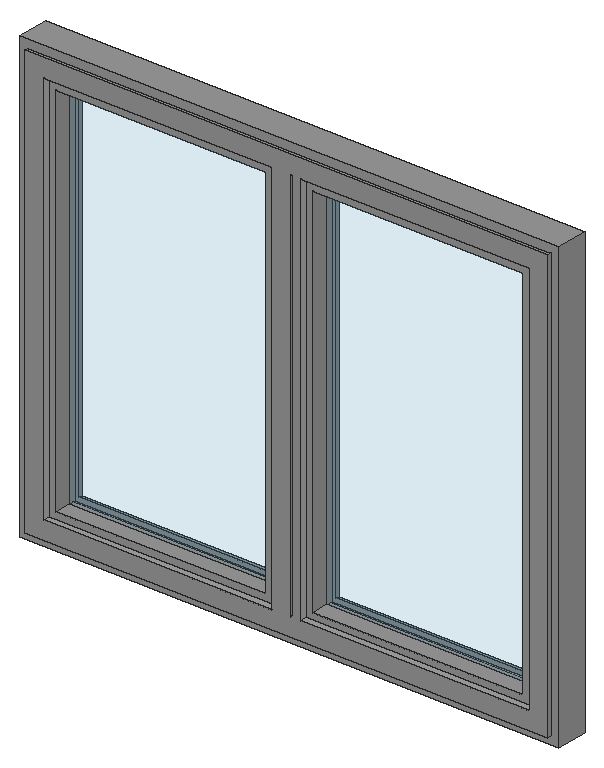
Revit family "Kawneer_Window_GT70s_Pos005", category Windows, host Wall, Revit 2020 (continued)
Definition of nested family "Kawneer_GT70s_Pos005"
  Definition of nested family "Kawneer_GT70s_Mull5"
    Lines and regions (mm)
      model lines, in view "Ref. Level", detail levels fine
        curve 1093: line (-27.885, -24.3, 0) -> (-27.539, -24.3, 0)
        curve 1094: line (-23.831, -21.8, 0) -> (-14, -21.8, 0)
        curve 1095: line (-13.021, -21, 0) -> (-12.115, -21, 0)
        curve 1096: line (-12.115, -21, 0) -> (-11.981, -21.437, 0)
        curve 1097: line (-12.9, -18.7, 0) -> (-12.9, -19.25, 0)
        curve 1098: line (-12.9, -19.25, 0) -> (-12.115, -20.6, 0)
        curve 1099: line (-12.115, -20.6, 0) -> (-12.874, -19.287, 0)
        curve 1100: line (-12.874, -19.287, 0) -> (-12.9, -18.7, 0)
        curve 1101: line (-11.679, -18.5, 0) -> (-12.7, -18.5, 0)
        curve 1102: line (-12.7, -18.5, 0) -> (-9.099, -18.5, 0)
        curve 1103: line (-8.914, -18.777, 0) -> (-9.527, -20.258, 0)
        curve 1104: line (-7.5, -21.367, 0) -> (-7.5, -18.7, 0)
        curve 1105: line (-6.8, -18, 0) -> (-4.206, -18, 0)
        curve 1106: line (-4.006, -18.2, 0) -> (-4.006, -19.4, 0)
        curve 1107: line (-2.7, -18.6, 0) -> (-2.7, -15.84, 0)
        curve 1108: line (-4, -14.401, 0) -> (-4, -15.8, 0)
        curve 1109: line (-4.5, -16.3, 0) -> (-7, -16.3, 0)
        curve 1110: line (-7.5, -15.8, 0) -> (-7.5, -14.4, 0)
        curve 1111: line (-7.7, -14.2, 0) -> (-8.8, -14.2, 0)
        curve 1112: line (-9, -14.4, 0) -> (-9, -16.2, 0)
        curve 1113: line (-9.5, -16.7, 0) -> (-11.5, -16.7, 0)
        curve 1114: line (-12, -16.2, 0) -> (-12, -15.1, 0)
        curve 1115: line (-12.2, -14.9, 0) -> (-13, -14.9, 0)
        curve 1116: line (-13.5, -14.4, 0) -> (-13.5, -4, 0)
        curve 1117: line (-13, -3.5, 0) -> (-12.2, -3.5, 0)
        curve 1118: line (-12, -3.3, 0) -> (-12, -2.2, 0)
        curve 1119: line (-11.5, -1.7, 0) -> (-9.5, -1.7, 0)
        curve 1120: line (-9, -2.2, 0) -> (-9, -4, 0)
        curve 1121: line (-8.8, -4.2, 0) -> (-7.7, -4.2, 0)
        curve 1122: line (-7.5, -4, 0) -> (-7.5, -2.3, 0)
        curve 1123: line (-7, -1.8, 0) -> (-4.5, -1.8, 0)
        curve 1124: line (-4, -2.3, 0) -> (-4, -3.998, 0)
        curve 1125: line (-2.5, -2.34, 0) -> (-2.5, -0.5, 0)
        curve 1126: line (-3, 0, 0) -> (-13, 0, 0)
        curve 1127: line (-13.5, 0.5, 0) -> (-13.5, 7.5, 0)
        curve 1128: line (-30.55, -39.8, 0) -> (-11.65, -39.8, 0)
        curve 1129: line (-11.65, -41, 0) -> (-30.536, -41, 0)
        curve 1130: line (-30.105, -50.285, 0) -> (-28.721, -51.935, 0)
        curve 1131: line (-29.879, -56.8, 0) -> (-30.7, -56.8, 0)
        curve 1132: line (-30.9, -56.6, 0) -> (-30.9, -55.719, 0)
        curve 1133: line (-30.9, -55.719, 0) -> (-30.419, -54.558, 0)
        curve 1134: line (-30.419, -54.558, 0) -> (-31.421, -54.036, 0)
        curve 1135: line (-31.421, -54.036, 0) -> (-32.05, -53.673, 0)
        curve 1136: line (-31.145, -53.201, 0) -> (-31.95, -52.736, 0)
        curve 1137: line (-32.45, -51.87, 0) -> (-32.45, -26.73, 0)
        curve 1138: line (-31.95, -25.864, 0) -> (-31.145, -25.399, 0)
        curve 1139: line (-30.7, -21.8, 0) -> (-29.879, -21.8, 0)
        curve 1140: line (-28.72, -26.664, 0) -> (-30.105, -28.314, 0)
        curve 1141: line (-9.464, -37.7, 0) -> (-28.35, -37.7, 0)
        curve 1142: line (-28.35, -36.5, 0) -> (-9.45, -36.5, 0)
        curve 1143: line (-9.895, -25.014, 0) -> (-11.28, -23.364, 0)
        curve 1144: line (-10.121, -18.5, 0) -> (-9.3, -18.5, 0)
        curve 1145: line (-9.1, -18.7, 0) -> (-9.1, -19.581, 0)
        curve 1146: line (-9.1, -19.581, 0) -> (-9.581, -20.742, 0)
        curve 1147: line (-9.581, -20.742, 0) -> (-8.579, -21.264, 0)
        curve 1148: line (-8.579, -21.264, 0) -> (-7.95, -21.627, 0)
        curve 1149: line (-8.855, -22.099, 0) -> (-8.05, -22.564, 0)
        curve 1150: line (-7.55, -23.43, 0) -> (-7.55, -44.3, 0)
        curve 1151: line (-7.05, -44.8, 0) -> (-4.35, -44.8, 0)
        curve 1152: line (-4.05, -44.5, 0) -> (-4.05, -43.9, 0)
        curve 1153: line (-3.05, -43.9, 0) -> (-3.05, -46.9, 0)
        curve 1154: line (-4.05, -46.9, 0) -> (-4.05, -46.3, 0)
        curve 1155: line (-4.35, -46, 0) -> (-7.05, -46, 0)
        curve 1156: line (-7.55, -46.5, 0) -> (-7.55, -48.57, 0)
        curve 1157: line (-8.05, -49.436, 0) -> (-8.855, -49.901, 0)
        curve 1158: line (-9.3, -53.5, 0) -> (-10.121, -53.5, 0)
        curve 1159: line (-11.279, -48.635, 0) -> (-9.895, -46.985, 0)
        curve 1160: line (43.402, -35.614, 0) -> (44.605, -36.903, 0)
        curve 1161: line (44.702, -34.735, 0) -> (46.254, -36.398, 0)
        curve 1162: line (45.675, -33.504, 0) -> (47.644, -35.614, 0)
        curve 1163: line (46.374, -31.98, 0) -> (49, -34.793, 0)
        curve 1164: line (46.289, -32.183, 0) -> (47.552, -30.97, 0)
        curve 1165: line (47.552, -30.97, 0) -> (53.189, -37.009, 0)
        curve 1166: line (53.675, -35.257, 0) -> (55.328, -37.028, 0)
        curve 1167: line (56.351, -35.851, 0) -> (56.515, -36.027, 0)
        curve 1168: line (52.602, -29.562, 0) -> (54.561, -31.661, 0)
        curve 1169: line (55.722, -35.714, 0) -> (54.495, -37.028, 0)
        curve 1170: line (55.056, -34.155, 0) -> (54.071, -35.209, 0)
        curve 1171: line (54.071, -35.209, 0) -> (52.514, -36.878, 0)
        curve 1172: line (54.648, -32.319, 0) -> (53.027, -34.055, 0)
        curve 1173: line (52.425, -34.701, 0) -> (51.101, -36.119, 0)
        curve 1174: line (54.298, -30.421, 0) -> (50.013, -35.012, 0)
        curve 1175: line (53.672, -28.819, 0) -> (52.632, -29.933, 0)
        curve 1176: line (51.61, -31.028, 0) -> (46.89, -36.085, 0)
        curve 1177: line (42.866, -35.851, 0) -> (42.702, -36.027, 0)
        curve 1178: line (-35.264, -3.988, 0) -> (-34.705, -4.546, 0)
        curve 1179: line (-35.059, -5.4, 0) -> (-37.738, -5.4, 0)
        curve 1180: line (-39.47, -4.4, 0) -> (-41, -1.75, 0)
        curve 1181: line (-41.433, -1.5, 0) -> (-49.578, -1.5, 0)
        curve 1182: line (-51.076, -2.92, 0) -> (-51.244, -12.082, 0)
        curve 1183: line (-50.244, -13.1, 0) -> (-33.856, -13.1, 0)
        curve 1184: line (-33.403, -14.792, 0) -> (-35.034, -15.733, 0)
        curve 1185: line (-35.284, -15.8, 0) -> (-35.75, -15.8, 0)
        curve 1186: line (-35.95, -15.6, 0) -> (-35.95, -15.366, 0)
        curve 1187: line (-35.95, -15.366, 0) -> (-35.209, -14.541, 0)
        curve 1188: line (-35.35, -14.2, 0) -> (-50.8, -14.2, 0)
        curve 1189: line (-51.3, -14.7, 0) -> (-51.3, -28.9, 0)
        curve 1190: line (-50.2, -29.9, 0) -> (-50.2, -30.4, 0)
        curve 1191: line (-50.7, -30.9, 0) -> (-52, -30.9, 0)
        curve 1192: line (-52, -30.9, 0) -> (-55.218, -34.638, 0)
        curve 1193: line (-52.5, -30.4, 0) -> (-52.5, -0.5, 0)
        curve 1194: line (-52, 0, 0) -> (-38.2, 0, 0)
        curve 1195: line (-37.7, -0.5, 0) -> (-37.7, -1, 0)
        curve 1196: line (-37.9, -1.2, 0) -> (-39.066, -1.2, 0)
        curve 1197: line (-39.499, -1.95, 0) -> (-38.489, -3.7, 0)
        curve 1198: line (-37.623, -4.2, 0) -> (-36.066, -4.2, 0)
        curve 1199: line (-45.598, -65, 0) -> (-50.249, -69.651, 0)
        curve 1200: line (-48.619, -65.9, 0) -> (-50.719, -68, 0)
        curve 1201: line (-50.56, -65.148, 0) -> (-50.439, -65.599, 0)
        curve 1202: line (-50.439, -65.599, 0) -> (-52.336, -67.495, 0)
        curve 1203: line (-51.962, -65, 0) -> (-52.604, -65.642, 0)
        curve 1204: line (-51.402, -65, 0) -> (-46.751, -69.651, 0)
        curve 1205: line (-48.381, -65.9, 0) -> (-46.281, -68, 0)
        curve 1206: line (-46.44, -65.148, 0) -> (-46.561, -65.599, 0)
        curve 1207: line (-46.561, -65.599, 0) -> (-44.664, -67.495, 0)
        curve 1208: line (-45.038, -65, 0) -> (-44.396, -65.642, 0)
        curve 1209: line (-50.414, -69.415, 0) -> (-49.994, -70.015, 0)
        curve 1210: line (-49.83, -70.1, 0) -> (-49.265, -70.1, 0)
        curve 1211: line (-49.092, -70, 0) -> (-48.673, -69.274, 0)
        curve 1212: line (-48.327, -69.274, 0) -> (-47.908, -70, 0)
        curve 1213: line (-47.735, -70.1, 0) -> (-47.17, -70.1, 0)
        curve 1214: line (-47.006, -70.015, 0) -> (-46.586, -69.415, 0)
        curve 1215: line (-44.711, -67.817, 0) -> (-44.335, -65.217, 0)
        curve 1216: line (-44.534, -65, 0) -> (-46.247, -65, 0)
        curve 1217: line (-46.795, -65.9, 0) -> (-50.206, -65.9, 0)
        curve 1218: line (-50.753, -65, 0) -> (-52.466, -65, 0)
        curve 1219: line (-52.665, -65.217, 0) -> (-52.289, -67.817, 0)
        curve 1220: line (-43.402, -35.614, 0) -> (-44.605, -36.903, 0)
        curve 1221: line (-44.702, -34.735, 0) -> (-46.254, -36.398, 0)
        curve 1222: line (-45.675, -33.504, 0) -> (-47.644, -35.614, 0)
        curve 1223: line (-46.374, -31.98, 0) -> (-49, -34.793, 0)
        curve 1224: line (-46.289, -32.183, 0) -> (-47.552, -30.97, 0)
        curve 1225: line (-47.552, -30.97, 0) -> (-53.189, -37.009, 0)
        curve 1226: line (-53.675, -35.257, 0) -> (-55.328, -37.028, 0)
        curve 1227: line (-56.351, -35.851, 0) -> (-56.515, -36.027, 0)
        curve 1228: line (-52.602, -29.562, 0) -> (-54.561, -31.661, 0)
        curve 1229: line (-55.722, -35.714, 0) -> (-54.495, -37.028, 0)
        curve 1230: line (-55.056, -34.155, 0) -> (-54.071, -35.209, 0)
        curve 1231: line (-54.071, -35.209, 0) -> (-52.514, -36.878, 0)
        curve 1232: line (-54.648, -32.319, 0) -> (-53.027, -34.055, 0)
        curve 1233: line (-52.425, -34.701, 0) -> (-51.101, -36.119, 0)
        curve 1234: line (-54.298, -30.421, 0) -> (-50.013, -35.012, 0)
        curve 1235: line (-53.672, -28.819, 0) -> (-52.632, -29.933, 0)
        curve 1236: line (-51.61, -31.028, 0) -> (-46.89, -36.085, 0)
        curve 1237: line (-42.866, -35.851, 0) -> (-42.702, -36.027, 0)
      detail lines, in view "Ref. Level", detail levels coarse+medium
        curve 1238: line (-52.5, -72, 0) -> (-52.5, -65, 0)
        curve 1239: line (-52.5, -65, 0) -> (-42.5, -65, 0)
        curve 1240: line (-42.5, -65, 0) -> (-42.5, -37, 0)
        curve 1241: line (-42.5, -37, 0) -> (-52.5, -37, 0)
        curve 1242: line (-52.5, -37, 0) -> (-52.5, 0, 0)
        curve 1243: line (-52.5, 0, 0) -> (-37.5, 0, 0)
        curve 1244: line (-37.5, 0, 0) -> (-31.898, 8, 0)
        curve 1245: line (-31.898, 8, 0) -> (-13.5, 8, 0)
        curve 1246: line (-13.5, 8, 0) -> (-13.5, 0, 0)
        curve 1247: line (-13.5, 0, 0) -> (-8.5, 0, 0)
        curve 1248: line (-8.5, 0, 0) -> (-8.5, 8, 0)
        curve 1249: line (-8.5, 8, 0) -> (31.898, 8, 0)
        curve 1250: line (31.898, 8, 0) -> (37.5, 0, 0)
        curve 1251: line (37.5, 0, 0) -> (52.5, 0, 0)
        curve 1252: line (52.5, -72, 0) -> (52.5, -65, 0)
        curve 1253: line (52.5, -65, 0) -> (42.5, -65, 0)
        curve 1254: line (42.5, -65, 0) -> (42.5, -37, 0)
        curve 1255: line (42.5, -37, 0) -> (52.5, -37, 0)
        curve 1256: line (52.5, -37, 0) -> (52.5, 0, 0)
        curve 1257: line (-52.5, -72, 0) -> (52.5, -72, 0)
